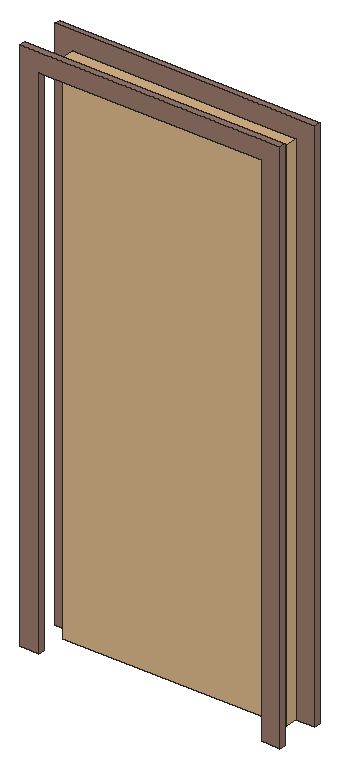
Revit family "Folha única", category Portas, Revit 2015
Parameters (values of type "0915 x 2134mm")
  Visual Light Transmittance = 0
  Espessura = 51.00 mm
  Solar Heat Gain Coefficient = 0
  ID do tipo de construção = ""
  Coeficiente de transferência de calor (U) = 3.7021 W/(m²·K)
  Função = Interior
  Material da porta = Porta - Painel
  Material da estrutura = Porta - Batente
  Altura = 2134.00 mm
  Projeção da apara externa = 25.00 mm
  Projeção da apara interna = 25.00 mm
  Largura da apara = 76.00 mm
  Fechamento da parede = Por hospedeiro
  Largura = 915.00 mm
  Construção analítica = Metal
Types (7, lengths in mm): name | Altura | Largura
  0915 x 2134mm | 2134.00 | 915.00
  0864 x 2134mm | 2134.00 | 864.00
  0813 x 2134mm | 2134.00 | 813.00
  0762 x 2134mm | 2134.00 | 762.00
  0762 x 2032mm | 2032.00 | 762.00
  0915 x 2032mm | 2032.00 | 915.00
  0864 x 2032mm | 2032.00 | 864.00
Reference planes
  plane 1: y = 0
  plane 2: z = 0
  plane 3: x = 0
  plane 4: x = -457.5
  plane 5: x = 457.5
  plane 6: z = 2134
Forms (mm)
  Extrusion 1, solid, material "Porta - Painel" <- "Material da porta"
    sketch origin (0, 0, 0) x (1, 0, 0) y (0, 0, 1)
      loop
        line (-457.5, 2134) -> (-457.5, 0) -> (457.5, 0) -> (457.5, 2134) -> (-457.5, 2134)
    from -76.2 to -25.2
  Extrusion 2, solid, material "Porta - Batente" <- "Material da estrutura"
    sketch origin (-1524, -76.2, 0) x (1, 0, 0) y (0, 0, 1)
      loop
        line (990.5, 2210) -> (990.5, 0) -> (1066.5, 0) -> (1066.5, 2134) -> (1981.5, 2134) -> (1981.5, 0) -> (2057.5, 0) -> (2057.5, 2210) -> (990.5, 2210)
    from 0 to 25
  Extrusion 3, solid, material "Porta - Batente" <- "Material da estrutura"
    sketch origin (-1524, 76.2, 0) x (-1, 0, 0) y (0, 0, 1)
      loop
        line (-2057.5, 2210) -> (-2057.5, 0) -> (-1981.5, 0) -> (-1981.5, 2134) -> (-1066.5, 2134) -> (-1066.5, 0) -> (-990.5, 0) -> (-990.5, 2210) -> (-2057.5, 2210)
    from 0 to 25
Lines and regions (mm)
  Opening 1
    outline origin (-1524, -76.2, 3657.6) x (0, 0, -1) y (1, 0, 0)
      loop
        line (1523.6, 1066.5) -> (3657.6, 1066.5) -> (3657.6, 1981.5) -> (1523.6, 1981.5) -> (1523.6, 1066.5)
  symbolic lines, style "DoorsPanelProjection"
    curve 1: line (457.5, 76.2, 0) -> (406.5, 76.2, 0)
    curve 2: line (457.5, 76.2, 0) -> (457.5, 991.472, 0)
    curve 3: line (457.5, 991.472, 0) -> (406.5, 991.472, 0)
    curve 4: line (406.5, 76.2, 0) -> (406.5, 991.472, 0)
  model lines, style "DoorsFrameMullionProjection"
    curve 5: line (-533.5, -76.2, 0) -> (-533.5, -76.2, 2210)
    curve 6: line (-533.5, -76.2, 2210) -> (533.5, -76.2, 2210)
    curve 7: line (533.5, -76.2, 2210) -> (533.5, -76.2, 0)
    curve 8: line (533.5, 76.2, 0) -> (533.5, 76.2, 2210)
    curve 9: line (-533.5, 76.2, 2210) -> (533.5, 76.2, 2210)
    curve 10: line (-533.5, 76.2, 2210) -> (-533.5, 76.2, 0)
  symbolic lines, style "Giro da planta"
    curve 11: arc (406.5, 991.472, 0) -> (-208.486, 706.11, 0) -> (-459.191, 76.2, 0) r 916.691
  symbolic lines, style "Giro da elevação"
    curve 12: line (-457.5, 0, 2134) -> (457.5, 0, 1067)
    curve 13: line (457.5, 0, 1067) -> (-457.5, 0, 0)
Dimensions and locks
  equal spacing: plane 4, plane 3, plane 5
  "Largura": plane 4 to plane 5
  locked: host wall to curve 1
  control icon elem to plane 5 = 261.908 mm
  "Altura": plane 6 to plane 2
  "Largura da apara": plane 4 to curve 5
  "Largura da apara": plane 5 to curve 7
  "Largura da apara": plane 6 to curve 6
  locked: curve 9 to host wall
  "Projeção da apara externa": Extrusion 3 to host wall
  "Projeção da apara interna": Extrusion 2 to host wall
  "Espessura": curve 4 to plane 5
  "Espessura": Extrusion 1 to host wall
  equal spacing: plane 6, curve 13, level
  aligned and locked: host wall to Extrusion 1
  aligned and locked: plane 2 to curve 5
  aligned and locked: curve 7 to level
  aligned and locked: curve 8 to curve 7
  aligned and locked: curve 6 to Extrusion 2 sketch curve
  aligned and locked: Extrusion 2 sketch curve to curve 5
  aligned and locked: Extrusion 2 sketch curve to curve 7
  aligned and locked: Extrusion 2 to Extrusion 3 sketch curve
  aligned and locked: Extrusion 3 sketch curve to Extrusion 2  (x2)
Automatic sketch dimensions
  Opening 1 sketch curve to plane 6 = 0.00 mm
  Opening 1 sketch curve to level = 0.00 mm
  Opening 1 sketch curve to plane 4 = 0.00 mm
  Opening 1 sketch curve to plane 5 = 0.00 mm
  Extrusion 1 sketch curve to plane 4 = 0.00 mm
  Extrusion 1 sketch curve to plane 5 = 0.00 mm
  Extrusion 1 sketch curve to level = 0.00 mm
  Extrusion 1 sketch curve to plane 6 = 0.00 mm
  Extrusion 2 sketch curve to level = 0.00 mm  (x2)
  Extrusion 2 sketch curve to plane 4 = 0.00 mm
  Extrusion 2 sketch curve to plane 5 = 0.00 mm
  Extrusion 2 sketch curve to plane 6 = 0.00 mm
  Extrusion 3 sketch curve to level = 0.00 mm  (x2)
  Extrusion 3 sketch curve to plane 5 = 0.00 mm
  Extrusion 3 sketch curve to plane 4 = 0.00 mm
  Extrusion 3 sketch curve to plane 6 = 0.00 mm
  curve 1 to plane 5 = 0.00 mm
  curve 11 to plane 5 = 0.00 mm
  plane 4 to curve 11 = 1.691 mm
  curve 11 to host wall = 0.00 mm
  curve 12 to plane 4 = 0.00 mm
  curve 12 to plane 6 = 0.00 mm
  curve 13 to plane 5 = 0.00 mm
  curve 10 to level = 0.00 mm
  curve 8 to level = 0.00 mm
  curve 13 to level = 0.00 mm
  curve 13 to plane 4 = 0.00 mm
  curve 9 to curve 5 = 0.00 mm
  curve 10 to curve 5 = 0.00 mm
